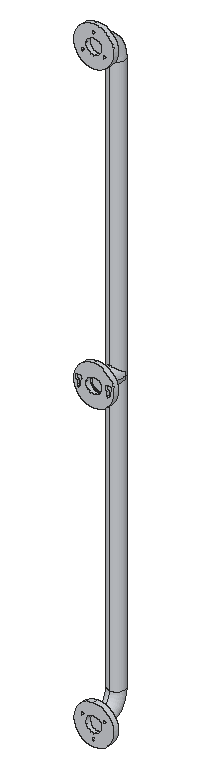
Revit family "AX8032X1300-3F-P_0006", category Appareils sanitaires, Revit 2016
Family settings
  Hôte = Mur
  Type d'élément = Normal
  Cote de connecteur circulaire = Utiliser le diamètre
  Numéro OmniClass = 23.75.00.00
  Titre OmniClass = Climate Control (HVAC)
  Toujours verticalement = Oui
  Couper avec des vides une fois chargée = Non
  Partagée = Non
  Point de calcul de pièce = Non
Parameters (values of type "Type 1")
  URL = "https://www.axeuro.com/fr/barres-droites/25366-barre-de-securite-ax8032x1300-3f.html"
  Type de produit / Type of product = "Barre de sécurité / Straight grab bar"  # constant formula
  Référence / Reference = "AX8032X1300-3F, AX8032X1300-3F-P, AX8032X1300-3F-MBK"  # constant formula
  Model = ""
  Manufacturer = ""
  Entreprise / Company = "Axeuro"  # constant formula
  Description = ""
Reference planes
  plane 1 "Mur": y = 0
  plane 2 "Centre (gauche/droite)": x = 0
  plane 3 "Arrière": y = 75
Forms (mm)
  Extrusion 1, solid
    sketch origin (-669.455, 75, 1864.455) x (0, 0, 1) y (-1, 0, 0)
      loop
        circle (190, -669.455) r 40
    from -10 to 0
  Sweep 2, solid
    path origin (0.056, -18.736, 1563.955) x (0, 0, -1) y (0, 1, 0)
      loop
        line (-490.5, 103.736) -> (-490.5, 105.837)
        arc (-490.5, 105.837) -> (-477.642, 136.878) -> (-446.602, 149.735) r 43.898
        line (-446.602, 149.735) -> (685.602, 149.735)
        arc (685.602, 149.735) -> (716.642, 136.878) -> (729.5, 105.837) r 43.898
        line (729.5, 105.837) -> (729.5, 103.736)
    profile origin (0.056, 131, 1444.455) x (1, 0, 0) y (0, 1, 0)
      loop
        circle (0, 0) r 16
  Extrusion 3, void
    sketch origin (-669.455, 0, 984.955) x (0, 0, -1) y (1, 0, 0)
      loop
        circle (150, 669.455) r 16
    from -88.969 to -75
  Extrusion 4, void
    sketch origin (-669.455, 0, 1903.955) x (0, 0, 1) y (-1, 0, 0)
      loop
        circle (150, -669.455) r 16
    from -88.969 to -75
  Extrusion 5, void
    sketch origin (675.622, 0, 640.833) x (0, 0, 1) y (-1, 0, 0)
      loop
        circle (206.122, 697.622) r 3
    from -79.397 to -75
  Extrusion 6, void
    sketch origin (-675.622, 0, 640.833) x (0, 0, 1) y (-1, 0, 0)
      loop
        circle (206.122, -697.622) r 3
    from -79.397 to -75
  Extrusion 7, solid
    sketch origin (-669.455, 75, 1024.455) x (0, 0, -1) y (1, 0, 0)
      loop
        circle (190, 669.455) r 40
    from -10 to 0
  Extrusion 8, void
    sketch origin (-697.622, 0, 602.833) x (0, 0, 1) y (-1, 0, 0)
      loop
        circle (206.122, -697.622) r 3
    from -79.397 to -75
  Extrusion 9, void
    sketch origin (675.622, 0, 2248.078) x (0, 0, -1) y (1, 0, 0)
      loop
        circle (206.122, -697.622) r 3
    from -79.397 to -75
  Extrusion 10, void
    sketch origin (-675.622, 0, 2248.078) x (0, 0, -1) y (1, 0, 0)
      loop
        circle (206.122, 697.622) r 3
    from -79.397 to -75
  Extrusion 11, void
    sketch origin (-697.622, 0, 2286.078) x (0, 0, -1) y (1, 0, 0)
      loop
        circle (206.122, 697.622) r 3
    from -79.397 to -75
  Extrusion 12, solid
    sketch origin (-669.455, 75, 1254.455) x (0, 0, 1) y (-1, 0, 0)
      loop
        circle (190, -669.455) r 40
    from -10 to 0
  Extrusion 13, solid
    sketch origin (0, 75, 0) x (1, 0, 0) y (0, 0, 1)
      loop
        circle (0, 1444.455) r 18
    from -56.114 to -10
  Extrusion 14, void
    sketch origin (-669.455, 0, 1293.955) x (0, 0, 1) y (-1, 0, 0)
      loop
        circle (150, -669.455) r 16
    from -88.969 to -75
  Extrusion 15, void
    sketch origin (-2319.238, 75, 1398.222) x (0, 0, -1) y (1, 0, 0)
      loop
        line (-37.537, 2352.588) -> (-44.751, 2352.588)
        arc (-44.751, 2352.588) -> (-52.174, 2355.606) -> (-57.038, 2349.238) r 6.6
        arc (-57.038, 2349.238) -> (-52.174, 2342.871) -> (-44.751, 2345.888) r 6.6
        line (-44.751, 2345.888) -> (-37.537, 2345.888)
        arc (-37.537, 2345.888) -> (-34.187, 2349.238) -> (-37.537, 2352.588) r 3.35
    from -3.268 to 0
  Extrusion 16, void
    sketch origin (2319.238, 75, 1398.222) x (0, 0, -1) y (1, 0, 0)
      loop
        arc (-37.537, -2352.588) -> (-34.187, -2349.238) -> (-37.537, -2345.888) r 3.35
        line (-37.537, -2345.888) -> (-44.751, -2345.888)
        arc (-44.751, -2345.888) -> (-52.174, -2342.871) -> (-57.038, -2349.238) r 6.6
        arc (-57.038, -2349.238) -> (-52.174, -2355.606) -> (-44.751, -2352.588) r 6.6
        line (-44.751, -2352.588) -> (-37.537, -2352.588)
    from -3.268 to 0
Cuts and joins
  Extrusion 4, Extrusion 5, Extrusion 6, Extrusion 9, Extrusion 10, Extrusion 11, Extrusion 14 cuts Extrusion 1
  Extrusion 3, Extrusion 5, Extrusion 6, Extrusion 8, Extrusion 9, Extrusion 10, Extrusion 11 cuts Extrusion 7
  Extrusion 14, Extrusion 15, Extrusion 16 cuts Extrusion 12
  Extrusion 14 cuts Sweep 2
  Extrusion 14 cuts Extrusion 13
  joined: Sweep 2, Extrusion 13
Text (mm)
  text "Côté de la mise en place" at (-1820.995, 1116.779, 0), in view "Niveau de réf."
  text "Côté de la mise en place" at (0, 1334.055, 2976.191), in view "Gauche"
  text "Côté de la mise en place" at (0, 439.194, 2944.362), in view "Droite"
Dimensions and locks
  locked: plane 3 "Arrière" to host wall
  aligned and locked: plane 1 "Mur" to host wall
